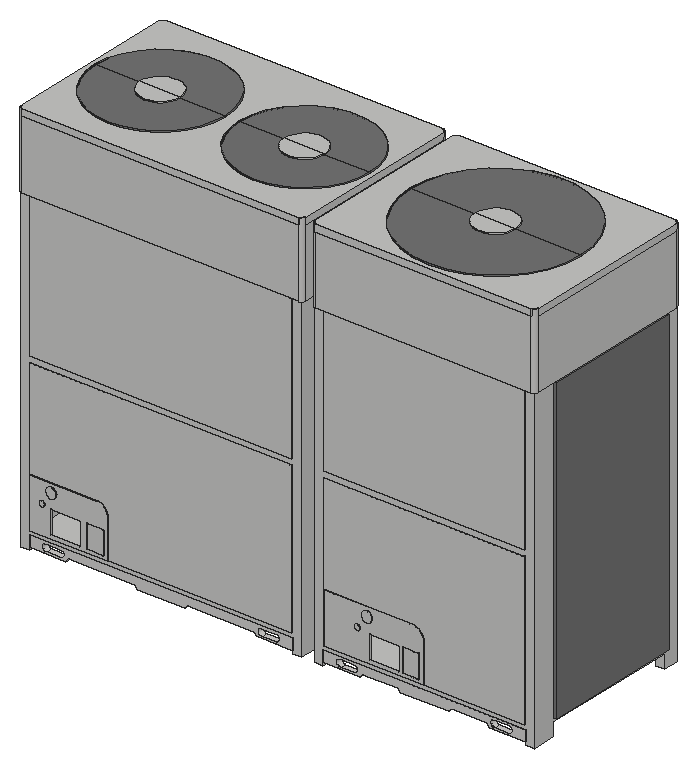
Revit family "Heat_Pump-Split_System-Outdoor-JCI-Twin_Unit-18-30 _ton", category Mechanical Equipment, Revit 2014
Parameters (values of type "208v - 18 ton Cooling Capacity")
  Width = 30 1/2"
  Voltage = 208 V
  Visibility 2 = Total Cooling Capacity > 42202.2 VA  # yes
  Visibility 1 = Total Cooling Capacity > 21101.1 VA  # yes
  Unit Separation [instance] = 13/16"
  URL = "www.johnsoncontrols.com"
  Type Comments = "208v - 18 ton Cooling Capacity"
  Total Heating Capacity = 243000.0 Btu/h
  Total Cooling Capacity = 216000.0 Btu/h
  Shroud Radius = Shroud Diameter / 2  # 14 3/8"
  Shroud Diameter = if(and(Total Cooling Capacity < 48356.7 VA, Total Cooling Capacity > 21101.1 VA), 22", 28 3/4")  # 28 3/4"
  Refrigerant Used = "R410A"
  Product Page URL = ""
  Product Name = "(H,Y)VAHP216B32S"
  Product Documentation Link = ""
  Power Factor = 0.8
  Pipe Material = Metal - JCI - Brass SU
  Phase = 3
  Panel 2 Width = 15 9/32"  # constant formula
  Operating Weight = 1239.00 lbf
  Offset = 0"
  Number of Poles = 3
  Model = Product Name  # "(H,Y)VAHP216B32S"
  Manufacturer = "Johnson Controls Incorporated"
  Load Classification = HVAC
  Length 9 [instance] = if(Clearance Zones, Clearance Top, 0")  # 0"
  Length 8 [instance] = if(Clearance Zones, Clearance Back, 0")  # 0"
  Length 7 [instance] = if(Clearance Zones, Clearance Front, 0")  # 0"
  Length 6 [instance] = if(Clearance Zones, Clearance Right, 0")  # 0"
  Length 5 [instance] = if(Clearance Zones, Clearance Left, 0")  # 0"
  Length [instance] = Main Unit Length + Unit Separation + Sub Unit Length  # 87 13/16"
  Main Unit Model = "(H,Y)VAHP144B32S"
  Main Unit KO Power X Offset 3 = 10 15/16"
  Main Unit KO Power X Offset 2 = 8 3/8"
  Main Unit KO Power X Offset 1 = 5 3/16"
  Main Unit KO Controls X Offset = 3 5/8"
  KO Controls Radius = KO Controls Diameter / 2  # 7/16"
  KO Controls Diameter = 7/8"
  Main Unit KO Power X Offset Label [instance] = if(Main Unit Knockout Power 1, Main Unit KO Power X Offset 1, if(Main Unit Knockout Power 2, Main Unit KO Power X Offset 2, if(Main Unit Knockout Power 3, Main Unit KO Power X Offset 3, 0")))  # 5 3/16"
  Main Unit KO Power Radius [instance] = Main Unit KO Power Diameter / 2  # 7/8"
  Main Unit KO Power Diameter [instance] = if(Main Unit Knockout Power 1, 1 3/4", if(Main Unit Knockout Power 2, 1 3/8", 7/8"))  # 1 3/4"
  Main Unit Length = 48 5/8"
  Main Unit = Heat_Pump-Split_System-Outdoor-JCI-Single_Unit-6-16 _ton to be nested : 12 ton Cooling Capacity
  Main Unit Knockout Power 3 [instance] = no
  Main Unit Knockout Power 2 [instance] = no
  Main Unit Knockout Power 1 [instance] = yes
  Main Unit Knockout Front [instance] = yes
  Main Unit Knockout Bottom [instance] = not(Main Unit Knockout Front)  # no
  Height = 66 1/4"
  Main Minimum Circuit Current = 58 A
  Main Maximum Overcurrent Protection = 70 A
  Grille Material = Metal - JCI - Grille Square SU
  Frequency = 60 Hz
  Sub Unit Model = "(H,Y)VAHP072B32S"
  Sub Unit Length = 38 3/8"
  Sub Unit Knockout Power 3 [instance] = no
  Sub Unit Knockout Power 2 [instance] = no
  Sub Unit Knockout Power 1 [instance] = yes
  Sub Unit Knockout Front [instance] = yes
  Sub Unit Knockout Bottom [instance] = not(Sub Unit Knockout Front)  # no
  Sub Unit KO Power X Offset Label [instance] = if(Sub Unit Knockout Power 1, Sub Unit KO Power X Offset 1, if(Sub Unit Knockout Power 2, Sub Unit KO Power X Offset 2, if(Sub Unit Knockout Power 3, Sub Unit KO Power X Offset 3, 0")))  # 8 7/8"
  Sub Unit KO Power X Offset 3 = 14 9/16"
  Sub Unit KO Power X Offset 2 = 12"
  Sub Unit KO Power X Offset 1 = 8 7/8"
  Sub Unit KO Power Radius [instance] = Sub Unit KO Power Diameter / 2  # 7/8"
  Sub Unit KO Power Diameter [instance] = if(Sub Unit Knockout Power 1, 1 3/4", if(Sub Unit Knockout Power 2, 1 3/8", 7/8"))  # 1 3/4"
  Sub Unit KO Controls X Offset = 7 5/16"
  Sub Unit DX Liquid X Offset = 10 3/8"
  Sub Unit DX Liquid Radius = Sub Unit DX Liquid Diameter / 2  # 1/4"
  Sub Unit DX Liquid Diameter = 1/2"
  Sub Unit DX Gas Radius = Sub Unit DX Gas Diameter / 2  # 7/16"
  Sub Unit DX Gas Diameter = 7/8"
  Sub Unit DX Gas X Offset = 13 1/16"
  Sub Unit = Heat_Pump-Split_System-Outdoor-JCI-Single_Unit-6-16 _ton to be nested : 6 ton Cooling Capacity
  Sub Minimum Circuit Current = 29 A
  Sub Maximum Overcurrent Protection = 40 A
  Description = "Outdoor Twin Unit Variable Refrigerant Flow"
  DX Liquid Z Offset = 10 11/32"
  DX Liquid Y Offset = 5 3/16"
  Main Unit DX Liquid X Offset = 7 3/8"
  Main Unit DX Liquid Radius = Main Unit DX Liquid Diameter / 2  # 5/16"
  Main Unit DX Liquid Diameter = 5/8"
  DX Gas Z Offset = 6 25/32"
  DX Gas Y Offset = 5 31/32"
  Main Unit DX Gas X Offset = 9 7/16"
  Main Unit DX Gas Radius = Main Unit DX Gas Diameter / 2  # 9/16"
  Main Unit DX Gas Diameter = 1 1/8"
  Copyright © = "Copyright © 2001-2017 Johnson Controls"  # constant formula
  Clearance Zones [instance] = no
  Clearance Top = 59 1/2"
  Clearance Right = 7 7/8"
  Clearance Material = Clearance Zones
  Clearance Left = 7 7/8"
  Clearance Front = 19 11/16"
  Clearance Back = 11 13/16"
  Body Material = Paint - JCI - Silky Shade SU
  Body Inset = 5/16"
  Base Material = Metal - JCI - Base Steel SU
  Assembly Code = "D3030200"
  Apparent Load 2 = Voltage * Sub Minimum Circuit Current / Power Factor  # 7540 VA
  Apparent Load 1 = Voltage * Main Minimum Circuit Current / Power Factor  # 15080 VA
Reference planes (in)
  plane 1 "Center (Front/Back)": y = 0
  plane 2: z = 0
  plane 3 "Center (Left/Right)": x = 0
  plane 4 "Left": x = -43.90625
  plane 5 "Right": x = 43.90625
  plane 6 "Back": y = 15.25
  plane 7 "Front": y = -15.25
  plane 8 "lid left": x = -43.59375
  plane 9 "Bottom": z = 0
  plane 10 "Top": z = 66.25
  plane 11 "body 1 left": x = -43.28125
  plane 12 "panel front": y = -15.0005
  plane 13 "fan top": z = 66.5
  plane 14 "clearance back": y = 15.25
  plane 15 "clearance front": y = -15.25
  plane 16 "clearance left": x = -43.90625
  plane 17 "clearance right": x = 43.90625
  plane 18 "clearance top": z = 66.25
  plane 19: y = 0.05208
  plane 20 "dx liquid x cl": x = -35.90625
  plane 21 "dx gas discharge x cl": x = -33.84375
  plane 22 "dx liquid y cl": y = -10.0625
  plane 23 "dx gas y cl": y = -9.28125
  plane 24 "dx gas z bottom": z = 6.78125
  plane 25 "dx liquid z bottom": z = 10.34375
  plane 26 "front dummy": y = -15.25
  plane 27 "header right": x = 4.71875
  plane 28 "follower left": x = 5.53125
  plane 29 "lid 2 left": x = 5.84375
  plane 30 "body 2 left": x = 6.15625
  plane 31: x = 16.53125
  plane 32: x = 19.21875
Forms (in)
  Extrusion 1, solid, material "Clearance Zones" <- "Clearance Material", visible <- "Clearance Zones"
    sketch origin (0, 0, 0) x (-1, 0, 0) y (0, -1, 0)
      loop
        line (43.90625, -15.25) -> (43.90625, 15.25) -> (-43.90625, 15.25) -> (-43.90625, -15.25) -> (43.90625, -15.25)
    from 0 to 66.25
  Extrusion 2, solid, material "Metal - JCI - Brass SU" <- "Pipe Material", detail levels medium+fine
    sketch origin (-60.79778, -180, 6.78125) x (-1, 0, 0) y (0, -1, 0)
      loop
        circle (-26.95403, -170.71875) r 0.5625
      loop
        circle (-80.01653, -170.71875) r 0.4375
    from 0 to 4.71625
  Extrusion 3, solid, material "Metal - JCI - Brass SU" <- "Pipe Material", detail levels medium+fine
    sketch origin (-60.79778, -180, 10.34375) x (-1, 0, 0) y (0, -1, 0)
      loop
        circle (-24.89153, -169.9375) r 0.3125
      loop
        circle (-77.32903, -169.9375) r 0.25
    from 1.15375 to 0
  Extrusion 4, solid, material "Paint - JCI - Silky Shade SU" <- "Body Material", detail levels medium+fine
    sketch origin (-38.06929, -15.0005, 48) x (-1, 0, 0) y (0, 0, 1)
      loop
        circle (1.58696, -40.1875) r 0.4375
      loop
        circle (0.02446, -38.0625) r 0.875
      loop
        circle (-51.53804, -40.1875) r 0.4375
      loop
        circle (-53.10054, -38.0625) r 0.875
    from 0 to 1
Lines and regions (in)
  Masking region 1, detail levels coarse
    outline origin (0, 0, 0) x (1, 0, 0) y (0, 0, 1)
      loop
        line (-43.90625, 66.5) -> (-43.90625, 0) -> (43.90625, 0) -> (43.90625, 66.5) -> (-43.90625, 66.5)
  symbolic lines, style "Clearance Zones", visible <- "Clearance Zones"
    curve 1: line (-43.90625, 15.25, 53.62) -> (43.90625, 15.25, 53.62)
    curve 2: line (-43.90625, -15.25, 53.62) -> (-43.90625, 15.25, 53.62)
    curve 3: line (43.90625, -15.25, 53.62) -> (-43.90625, -15.25, 53.62)
    curve 4: line (43.90625, 15.25, 53.62) -> (43.90625, -15.25, 53.62)
    curve 5: line (-43.90625, 0, 66.25) -> (43.90625, 0, 66.25)
    curve 6: line (-43.90625, 0, 0) -> (-43.90625, 0, 66.25)
    curve 7: line (43.90625, 0, 0) -> (-43.90625, 0, 0)
    curve 8: line (43.90625, 0, 66.25) -> (43.90625, 0, 0)
    curve 9: line (0, 15.25, 0) -> (0, 15.25, 66.25)
    curve 10: line (0, -15.25, 0) -> (0, 15.25, 0)
    curve 11: line (0, -15.25, 66.25) -> (0, -15.25, 0)
Dimensions and locks (in)
  equal spacing: plane 4 "Left", plane 3 "Center (Left/Right)", plane 5 "Right"
  "Length": plane 4 "Left" to plane 5 "Right"
  equal spacing: plane 6 "Back", plane 1 "Center (Front/Back)", plane 7 "Front"
  "Width": plane 6 "Back" to plane 7 "Front"
  locked: plane 4 "Left" to plane 8 "lid left" at 0.3125
  "Height": plane 10 "Top" to plane 9 "Bottom"
  "Offset": plane 9 "Bottom" to level
  "Body Inset": plane 8 "lid left" to plane 11 "body 1 left"
  locked: plane 13 "fan top" to plane 10 "Top" at 0.25
  "Length 5": plane 16 "clearance left" to plane 4 "Left"
  "Length 6": plane 5 "Right" to plane 17 "clearance right"
  "Length 8": plane 14 "clearance back" to plane 6 "Back"
  "Length 7": plane 26 "front dummy" to plane 15 "clearance front"
  "Length 9": plane 18 "clearance top" to plane 10 "Top"
  "Main Unit DX Liquid X Offset": plane 11 "body 1 left" to plane 20 "dx liquid x cl"
  "Main Unit DX Gas X Offset": plane 11 "body 1 left" to plane 21 "dx gas discharge x cl"
  "DX Liquid Y Offset": plane 22 "dx liquid y cl" to plane 7 "Front"
  "DX Gas Y Offset": plane 23 "dx gas y cl" to plane 7 "Front"
  "DX Gas Z Offset": plane 24 "dx gas z bottom" to plane 9 "Bottom"
  "DX Liquid Z Offset": plane 25 "dx liquid z bottom" to plane 9 "Bottom"
  "Main Unit KO Controls X Offset": Extrusion 4 sketch curve to plane 11 "body 1 left"
  locked: Extrusion 4 sketch curve to plane 9 "Bottom" at 7.8125  (x2)
  locked: Extrusion 4 sketch curve to plane 9 "Bottom" at 9.9375  (x2)
  "Main Unit KO Power X Offset Label": Extrusion 4 sketch curve to plane 11 "body 1 left"
  "Main Unit Length": plane 4 "Left" to plane 27 "header right"
  "Unit Separation": plane 27 "header right" to plane 28 "follower left"
  "Body Inset": plane 29 "lid 2 left" to plane 30 "body 2 left"
  locked: plane 28 "follower left" to plane 29 "lid 2 left" at 0.3125
  "Sub Unit DX Liquid X Offset": plane 30 "body 2 left" to plane 31
  "Sub Unit DX Gas X Offset": plane 30 "body 2 left" to plane 32
  "Sub Unit KO Power X Offset Label": Extrusion 4 sketch curve to plane 30 "body 2 left"
  "Sub Unit KO Controls X Offset": Extrusion 4 sketch curve to plane 30 "body 2 left"
  "Main Unit DX Gas Radius": radius of Extrusion 2 sketch curve
  "Main Unit DX Liquid Radius": radius of Extrusion 3 sketch curve
  "KO Controls Radius": radius of Extrusion 4 sketch curve  (x2)
  "Main Unit KO Power Radius": radius of Extrusion 4 sketch curve
  "Sub Unit DX Gas Radius": radius of Extrusion 2 sketch curve
  "Sub Unit DX Liquid Radius": radius of Extrusion 3 sketch curve
  "Sub Unit KO Power Radius": radius of Extrusion 4 sketch curve
  aligned and locked: level to plane 2
  aligned and locked: Extrusion 1 sketch curve to plane 14 "clearance back"
  aligned and locked: plane 16 "clearance left" to Extrusion 1 sketch curve
  aligned and locked: plane 15 "clearance front" to Extrusion 1 sketch curve
  aligned and locked: Extrusion 1 sketch curve to plane 17 "clearance right"
  aligned and locked: curve 4 to plane 17 "clearance right"
  aligned and locked: plane 16 "clearance left" to curve 2
  aligned and locked: plane 15 "clearance front" to curve 3
  aligned and locked: curve 1 to plane 14 "clearance back"
  aligned and locked: plane 18 "clearance top" to Extrusion 1
  aligned and locked: Extrusion 1 to plane 9 "Bottom"
  aligned and locked: plane 16 "clearance left" to curve 6
  aligned and locked: curve 8 to plane 17 "clearance right"
  aligned and locked: curve 5 to plane 18 "clearance top"
  aligned and locked: plane 9 "Bottom" to curve 7
  aligned and locked: curve 9 to plane 14 "clearance back"
  aligned and locked: plane 15 "clearance front" to curve 11
  aligned and locked: plane 9 "Bottom" to curve 10
  aligned and locked: Masking region 1 sketch curve to plane 13 "fan top"
  aligned and locked: plane 4 "Left" to Masking region 1 sketch curve
  aligned and locked: Masking region 1 sketch curve to plane 5 "Right"
  aligned and locked: plane 9 "Bottom" to Masking region 1 sketch curve
  aligned and locked: Extrusion 2 sketch curve to plane 23 "dx gas y cl"  (x2)
  aligned and locked: plane 21 "dx gas discharge x cl" to Extrusion 2 sketch curve
  aligned and locked: Extrusion 2 to plane 24 "dx gas z bottom"
  aligned and locked: Extrusion 3 sketch curve to plane 22 "dx liquid y cl"  (x2)
  aligned and locked: plane 20 "dx liquid x cl" to Extrusion 3 sketch curve
  aligned and locked: Extrusion 3 to plane 25 "dx liquid z bottom"
  aligned and locked: plane 26 "front dummy" to plane 7 "Front"
  aligned and locked: plane 1 "Center (Front/Back)" to nested 1
  aligned and locked: plane 4 "Left" to nested 1
  aligned and locked: nested 2 to plane 28 "follower left"
  aligned and locked: plane 1 "Center (Front/Back)" to nested 2
  aligned and locked: plane 32 to Extrusion 2 sketch curve
  aligned and locked: plane 31 to Extrusion 3 sketch curve
  aligned and locked: plane 24 "dx gas z bottom" to Extrusion 2
Automatic sketch dimensions
  curve 11 to plane 10 "Top" = 0"
  curve 9 to plane 10 "Top" = 0"
Nested families (in)
  nested 1: "Heat_Pump-Split_System-Outdoor-JCI-Single_Unit-6-16 _ton to be nested" at (-19.59375, 0, 0), Knockout Power 3 <- "Main Unit Knockout Power 3", Knockout Power 2 <- "Main Unit Knockout Power 2", Knockout Power 1 <- "Main Unit Knockout Power 1", Knockout Front <- "Main Unit Knockout Front", type <- "Main Unit", type "12 ton Cooling Capacity"
    with Length 14 14 3/4", Length 13 3", Length 12 1/4", Length 11 9 15/16", Length 10 1 31/32", Knockout Power 3 no, Knockout Power 2 no, Knockout Power 1 yes, Knockout Front yes, Knockout Bottom no, KO Z Offset 5 9/16", KO Y Offset 0", KO Power X Offset 5 3/16", KO Power Radius 7/8", KO Power Diameter 1 3/4", KO Height 3 15/16", Fan 2 X Offset 12 5/32", Fan 1 X Offset 12 5/32", Clearance Zones yes, Angle 2 90.00°, Angle 1 90.00°, Visibility 1 yes, Total Cooling Capacity 144000.0 Btu/h, Shroud Radius 11", Shroud Diameter 22", Operating Weight 723.00 lbf, Length 48 5/8", KO Power X Offset 3 10 15/16", KO Power X Offset 2 8 3/8", KO Power X Offset 1 5 3/16", KO Controls X Offset 3 5/8", KO 2 X Offset 11 1/4", KO 1 X Offset 5 3/16"
  nested 2: "Heat_Pump-Split_System-Outdoor-JCI-Single_Unit-6-16 _ton to be nested" at (24.71875, 0, 0), Knockout Power 3 <- "Sub Unit Knockout Power 3", Knockout Power 2 <- "Sub Unit Knockout Power 2", Knockout Power 1 <- "Sub Unit Knockout Power 1", Knockout Front <- "Sub Unit Knockout Front", type <- "Sub Unit", type "6 ton Cooling Capacity"
    with Length 14 18 7/16", Length 13 3", Length 12 1/4", Length 11 9 15/16", Length 10 1 31/32", Knockout Power 3 no, Knockout Power 2 no, Knockout Power 1 yes, Knockout Front yes, Knockout Bottom no, KO Z Offset 5 9/16", KO Y Offset 0", KO Power X Offset 8 7/8", KO Power Radius 7/8", KO Power Diameter 1 3/4", KO Height 3 15/16", Fan 2 X Offset 38 3/8", Fan 1 X Offset 0", Clearance Zones no, Angle 2 90.00°, Angle 1 90.00°
Connectors (in)
  piping at (-35.90625, -10.0625, 10.34375), diameter 0.625, driven by "Main Unit DX Liquid Diameter"
    settings: on Extrusion 3, index 1, connector inside diameter 24", connector length 0", flow factor 0, pipe flow 0 GPM, pressure drop 0.00 psi, fitting loss kfactor 0, connector angle 0.00°, fixture units 0, engagement length 0", angle of deflection 0.00°, flow configuration 0, flow direction 0, fitting loss method 0, system type 22, joint type 0, gender type 0, connector reference index -1, connector utility 0, adjustable connector no, is connector primary yes, connector description "Main Unit Refrigerant Liquid"
  electrical at (-39.65625, -15.0005, 7.8125)
    settings: on Extrusion 4, index 6, voltage 0 V, apparent load 0 VA, apparent load phase1 0 VA, apparent load phase2 0 VA, apparent load phase3 0 VA, power factor 1, load classification "Other", number of poles 1, system type 13, power factor state 1, is connector primary yes, connector utility no, sub classification motor no, connector description "Main Unit Controls"
  cabletrayconduit at (-39.65625, -15.0005, 7.8125), diameter 0.875, driven by "KO Controls Diameter"
    settings: on Extrusion 4, index 7, connector width 12", connector height 12", connector angle 0.00°, system type 32, placement type 0, profile type 0, connector reference index -1, is primary connector yes, connector utility param no, connector description "Main Unit Controls Conduit"
  electrical at (-38.09375, -15.0005, 9.9375), driven by "Number of Poles", driven by "Load Classification", driven by "Voltage", driven by "Apparent Load 1", driven by "Power Factor"
    settings: on Extrusion 4, index 8, voltage 208 V, apparent load 15080 VA, apparent load phase1 0 VA, apparent load phase2 0 VA, apparent load phase3 0 VA, power factor 0.8, load classification "HVAC", number of poles 3, system type 30, power factor state 1, is connector primary no, connector utility no, sub classification motor no, connector description "Main Unit Power"
  cabletrayconduit at (-38.09375, -15.0005, 9.9375), diameter 1.75, driven by "Main Unit KO Power Diameter"
    settings: on Extrusion 4, index 9, connector width 12", connector height 12", connector angle 0.00°, system type 32, placement type 0, profile type 0, connector reference index -1, is primary connector no, connector utility param no, connector description "Main Unit Power Conduit"
  piping at (-33.84375, -9.28125, 6.78125), diameter 1.125, driven by "Main Unit DX Gas Diameter"
    settings: on Extrusion 2, index 10, connector inside diameter 24", connector length 0", flow factor 0, pipe flow 0 GPM, pressure drop 0.00 psi, fitting loss kfactor 0, connector angle 0.00°, fixture units 0, engagement length 0", angle of deflection 0.00°, flow configuration 0, flow direction 0, fitting loss method 0, system type 22, joint type 0, gender type 0, connector reference index -1, connector utility 0, adjustable connector no, is connector primary no, connector description "Main Unit Refrigerant Gas Discharge"
  electrical at (13.46875, -15.0005, 7.8125)
    settings: on Extrusion 4, index 11, voltage 0 V, apparent load 0 VA, apparent load phase1 0 VA, apparent load phase2 0 VA, apparent load phase3 0 VA, power factor 1, load classification "Other", number of poles 1, system type 13, power factor state 1, is connector primary no, connector utility no, sub classification motor no, connector description "Sub Unit Controls"
  electrical at (15.03125, -15.0005, 9.9375), driven by "Number of Poles", driven by "Load Classification", driven by "Voltage", driven by "Power Factor", driven by "Apparent Load 2"
    settings: on Extrusion 4, index 12, voltage 208 V, apparent load 7540 VA, apparent load phase1 0 VA, apparent load phase2 0 VA, apparent load phase3 0 VA, power factor 0.8, load classification "HVAC", number of poles 3, system type 30, power factor state 1, is connector primary no, connector utility no, sub classification motor no, connector description "Sub Unit Power"
  cabletrayconduit at (13.46875, -15.0005, 7.8125), diameter 0.875, driven by "KO Controls Diameter"
    settings: on Extrusion 4, index 13, connector width 12", connector height 12", connector angle 0.00°, system type 32, placement type 0, profile type 0, connector reference index -1, is primary connector no, connector utility param no, connector description "Sub Unit Controls Conduit"
  cabletrayconduit at (15.03125, -15.0005, 9.9375), diameter 1.75, driven by "Sub Unit KO Power Diameter"
    settings: on Extrusion 4, index 14, connector width 12", connector height 12", connector angle 0.00°, system type 32, placement type 0, profile type 0, connector reference index -1, is primary connector no, connector utility param no, connector description "Sub Unit Power Conduit"
  piping at (16.53125, -10.0625, 10.34375), diameter 0.5, driven by "Sub Unit DX Liquid Diameter"
    settings: on Extrusion 3, index 15, connector inside diameter 24", connector length 0", flow factor 0, pipe flow 0 GPM, pressure drop 0.00 psi, fitting loss kfactor 0, connector angle 0.00°, fixture units 0, engagement length 0", angle of deflection 0.00°, flow configuration 0, flow direction 0, fitting loss method 0, system type 22, joint type 0, gender type 0, connector reference index -1, connector utility 0, adjustable connector no, is connector primary no, connector description "Sub Unit Refrigerant Liquid"
  piping at (19.21875, -9.28125, 6.78125), diameter 0.875, driven by "Sub Unit DX Gas Diameter"
    settings: on Extrusion 2, index 17, connector inside diameter 24", connector length 0", flow factor 0, pipe flow 0 GPM, pressure drop 0.00 psi, fitting loss kfactor 0, connector angle 0.00°, fixture units 0, engagement length 0", angle of deflection 0.00°, flow configuration 0, flow direction 0, fitting loss method 0, system type 22, joint type 0, gender type 0, connector reference index -1, connector utility 0, adjustable connector no, is connector primary no, connector description "Sub Unit Refrigerant Gas Discharge"
Definition of nested family "Heat_Pump-Split_System-Outdoor-JCI-Single_Unit-6-16 _ton to be nested"
  Parameters (values of type "6 ton Cooling Capacity")
    Width = 30 1/2"
    Voltage = 208 V
    Visibility 2 = Total Cooling Capacity > 46891.4 VA  # no
    Visibility 1 = Total Cooling Capacity > 21101.1 VA  # no
    Type Comments = "208v - 6 ton Cooling Capacity"
    Total Cooling Capacity = 72000.0 Btu/h
    Shroud Radius = Shroud Diameter / 2  # 14 3/8"
    Shroud Diameter = if(and(Total Cooling Capacity < 48356.7 VA, Total Cooling Capacity > 21101.1 VA), 22", 28 3/4")  # 28 3/4"
    Refrigerant Used = "R410A"
    Product Page URL = ""
    Product Name = "(H,Y)VAHP072B32S"
    Product Documentation Link = ""
    Power Factor = 0.8
    Pipe Material = Metal - JCI - Brass SU
    Phase = 3
    Panel 2 Width = 15 9/32"  # constant formula
    Operating Weight = 516.00 lbf
    Offset = 0"
    Number of Poles = 2
    Model = Product Name  # "(H,Y)VAHP072B32S"
    Minimum Circuit Current = 29 A
    Maximum Overcurrent Protection = 40 A
    Manufacturer = "Johnson Controls Incorporated"
    Load Classification = HVAC
    Lid Height = 12.63"
    Length 4 = Height - 1"  # 65 1/4"
    Length 3 = 5/32"
    Length 2 = 0.063"
    Length 15 = if(Visibility 2, Panel 2 Width + Length 3, 0")  # 0"
    Length 14 [instance] = KO 2 X Offset + KO 2 Width + 3/4"  # 18 7/16"
    Length 13 [instance] = 3"
    Length 12 [instance] = 1/4"
    Length 10 [instance] = KO Height / 2  # 1 31/32"
    Length 1 = 11/16"
    Length = 38 3/8"
    Leg Width = 1 1/2"
    KO Power X Offset 3 = 14 9/16"
    KO Power X Offset 2 = 12"
    KO Power X Offset 1 = 8 7/8"
    KO Controls X Offset = 7 5/16"
    KO Controls Radius = KO Controls Diameter / 2  # 7/16"
    KO Controls Diameter = 7/8"
    KO Power X Offset [instance] = if(Knockout Power 1, KO Power X Offset 1, if(Knockout Power 2, KO Power X Offset 2, if(Knockout Power 3, KO Power X Offset 3, 0")))  # 8 7/8"
    KO Power Radius [instance] = KO Power Diameter / 2  # 7/8"
    KO Power Diameter [instance] = if(Knockout Power 1, 1 3/4", if(Knockout Power 2, 1 3/8", 7/8"))  # 1 3/4"
    Knockout Power 3 [instance] = no
    Knockout Power 2 [instance] = no
    Knockout Power 1 [instance] = yes
    Length 11 [instance] = if(Knockout Bottom, 9 13/16", 9 15/16")  # 9 15/16"
    KO 2 X Offset = 14 15/16"
    KO Z Offset [instance] = if(Knockout Bottom, Base Height, 5 9/16")  # 5 9/16"
    KO Y Offset [instance] = if(Knockout Bottom, 4 5/16" + Length 10, 0")  # 0"
    Knockout Front [instance] = yes
    Knockout Bottom [instance] = not(Knockout Front)  # no
    KO 2 Width = 2 3/4"
    KO 1 X Offset = 9 7/16"
    KO 1 Width = 5"
    KO Height [instance] = if(Knockout Bottom, 3 1/8", 3 15/16")  # 3 15/16"
    Height = 66 1/4"
    Grille Material = Metal - JCI - Grille Square SU
    Frequency = 60 Hz
    Fan 2 X Offset [instance] = if(Visibility 1, Length / 4, Length)  # 38 3/8"
    Fan 1 X Offset [instance] = if(Visibility 1, Length / 4, 0")  # 0"
    Description = "Outdoor Unit Variable Refrigernat Flow"
    Clearance Zones [instance] = yes
    Clearance Material = Clearance Zones
    Body Material = Paint - JCI - Silky Shade SU
    Body Inset = 5/16"
    Base Material = Metal - JCI - Base Steel SU
    Base Height = 2.31"
    Assembly Code = "D3030200"
    Apparent Load = Voltage * Minimum Circuit Current / Power Factor  # 7540 VA
    Angle 2 [instance] = if(Knockout Front, 90.00°, 180.00°)  # 90.00°
    Angle 1 [instance] = if(Knockout Front, 90.00°, 0.00°)  # 90.00°
  Reference planes (in)
    plane 1 "Center (Front/Back)": y = 0
    plane 2: z = 0
    plane 3 "Center (Left/Right)": x = 0
    plane 4 "Left": x = -19.1875
    plane 5 "Right": x = 19.1875
    plane 6 "Back": y = 15.25
    plane 7 "Front": y = -15.25
    plane 8 "lid left": x = -18.875
    plane 9 "lid right": x = 18.875
    plane 10 "Bottom": z = 0
    plane 11 "Top": z = 66.25
    plane 12 "base top": z = 2.31
    plane 13 "lid bottom": z = 53.62
    plane 14 "front leg inside": y = -11.09375
    plane 15 "back leg inside": y = 12.34375
    plane 16 "lid top": z = 66.187
    plane 17: z = 65.187
    plane 18 "body left": x = -18.5625
    plane 19 "body right": x = 18.5625
    plane 20 "body back": y = 14.9375
    plane 21 "body front": y = -14.9375
    plane 22 "left leg inside": x = -17.0625
    plane 23 "right leg inside": x = 17.0625
    plane 24 "panel bottom": z = 3.02875
    plane 25 "panel front": y = -15.0005
    plane 26: x = -2.375
    plane 27: x = 2.375
    plane 28: y = -6.09375
    plane 29 "fan 1 x cl": x = 0
    plane 30 "fan 2 x cl": x = 38.375
    plane 31 "fan top": z = 66.5
    plane 32 "detail panel right": x = -0.125
    plane 33 "detail panel top": z = 11.4975
    plane 34: z = 46.39268
    plane 35: z = 39.16536
    plane 36: z = 31.93804
    plane 37: z = 24.71071
    plane 38: z = 17.48339
    plane 39: z = 10.25607
    plane 40: x = 5.3125
    plane 41: x = 8.25
    plane 42: x = 11.1875
    plane 43: x = 14.125
    plane 44: x = -14.125
    plane 45: x = -11.1875
    plane 46: x = -8.25
    plane 47: x = -5.3125
    plane 48: y = 6.19792
    plane 49: y = 0.05208
    plane 50: y = -5.23438
    plane 51: y = 0.625
    plane 52: y = 6.48437
    plane 53 "ko mech y cl": y = -15.25
    plane 54 "ko z cl": z = 5.5625
    plane 55 "ko power y cl": y = -15
    plane 56 "dummy": z = 9.9375
    plane 57 "pane 2 left": x = 1.625
    plane 58: x = 16.90625
    plane 59 "front dummy": y = -15.25
  Forms (in)
    Extrusion 1, solid, material "Paint - JCI - Silky Shade SU" <- "Body Material", detail levels medium+fine
      sketch origin (0, 0, 0) x (1, 0, 0) y (0, 1, 0)
        loop
          arc (-18.1245, 15.187) -> (-18.61064, 14.98564) -> (-18.812, 14.4995) r 0.6875
          line (-18.812, 14.4995) -> (-18.812, -14.4995)
          arc (-18.812, -14.4995) -> (-18.61064, -14.98564) -> (-18.1245, -15.187) r 0.6875
          line (-18.1245, -15.187) -> (18.1245, -15.187)
          arc (18.1245, -15.187) -> (18.61064, -14.98564) -> (18.812, -14.4995) r 0.6875
          line (18.812, -14.4995) -> (18.812, 14.4995)
          arc (18.812, 14.4995) -> (18.61064, 14.98564) -> (18.1245, 15.187) r 0.6875
          line (18.1245, 15.187) -> (-18.1245, 15.187)
      from 53.62 to 66.187
    Extrusion 2, solid, material "Paint - JCI - Silky Shade SU" <- "Body Material", detail levels fine
      sketch origin (0, 0, 0) x (1, 0, 0) y (0, 1, 0)
        loop
          line (-18.875, -14.5625) -> (-18.74632, -14.5625)
          arc (-18.74632, -14.5625) -> (-18.56644, -14.94144) -> (-18.1875, -15.12132) r 0.625
          line (-18.1875, -15.12132) -> (-18.1875, -15.25) -> (18.1875, -15.25) -> (18.1875, -15.12132)
          arc (18.1875, -15.12132) -> (18.56644, -14.94144) -> (18.74632, -14.5625) r 0.625
          line (18.74632, -14.5625) -> (18.875, -14.5625) -> (18.875, 14.5625) -> (18.74632, 14.5625)
          arc (18.74632, 14.5625) -> (18.56644, 14.94144) -> (18.1875, 15.12132) r 0.625
          line (18.1875, 15.12132) -> (18.1875, 15.25) -> (-18.1875, 15.25) -> (-18.1875, 15.12132)
          arc (-18.1875, 15.12132) -> (-18.56644, 14.94144) -> (-18.74632, 14.5625) r 0.625
          line (-18.74632, 14.5625) -> (-18.875, 14.5625) -> (-18.875, -14.5625)
      from 66.25 to 65.187
    Extrusion 3, solid, material "Paint - JCI - Silky Shade SU" <- "Body Material", detail levels medium+fine
      sketch origin (0, 0, 0) x (0, 1, 0) y (0, 0, 1)
        loop
          line (-14.9375, 53.62) -> (-14.9375, 0) -> (-11.09375, 0) -> (-11.09375, 2.31) -> (12.34375, 2.31) -> (12.34375, 0) -> (14.9375, 0) -> (14.9375, 53.62) -> (-14.9375, 53.62)
      from -18.5625 to 18.5625
    Extrusion 4, void
      sketch origin (0, 0, 0) x (1, 0, 0) y (0, 1, 0)
        loop
          line (-17.0625, 15.25) -> (-17.0625, -15.25) -> (17.0625, -15.25) -> (17.0625, 15.25) -> (-17.0625, 15.25)
      from 0 to 2.31
    Extrusion 5, solid, material "Metal - JCI - Base Steel SU" <- "Base Material", detail levels fine
      sketch origin (0, -14.9375, 0) x (-1, 0, 0) y (0, 0, 1)
        loop
          line (17.0625, 2.31) -> (-17.0625, 2.31) -> (-17.0625, 0.46875) -> (-10.90625, 0.46875) -> (-10.40625, 0.96875) -> (-4.5, 0.96875) -> (-4, 0.46875) -> (4, 0.46875) -> (4.5, 0.96875) -> (10.40625, 0.96875) -> (10.90625, 0.46875) -> (17.0625, 0.46875) -> (17.0625, 2.31)
        loop
          line (14.1875, 1.95679) -> (11.8125, 1.95679)
          arc (11.8125, 1.95679) -> (11.1875, 1.33179) -> (11.8125, 0.70679) r 0.625
          line (11.8125, 0.70679) -> (14.1875, 0.70679)
          arc (14.1875, 0.70679) -> (14.8125, 1.33179) -> (14.1875, 1.95679) r 0.625
        loop
          arc (-14.1875, 1.95679) -> (-14.8125, 1.33179) -> (-14.1875, 0.70679) r 0.625
          line (-14.1875, 0.70679) -> (-11.8125, 0.70679)
          arc (-11.8125, 0.70679) -> (-11.1875, 1.33179) -> (-11.8125, 1.95679) r 0.625
          line (-11.8125, 1.95679) -> (-14.1875, 1.95679)
      from 0 to 1
    Extrusion 6, solid, material "Metal - JCI - Base Steel SU" <- "Base Material", detail levels fine
      sketch origin (0, 14.9375, 0) x (-1, 0, 0) y (0, 0, 1)
        loop
          line (10.40625, 0.96875) -> (10.90625, 0.46875) -> (17.0625, 0.46875) -> (17.0625, 2.31) -> (-17.0625, 2.31) -> (-17.0625, 0.46875) -> (-10.90625, 0.46875) -> (-10.40625, 0.96875) -> (-4.5, 0.96875) -> (-4, 0.46875) -> (4, 0.46875) -> (4.5, 0.96875) -> (10.40625, 0.96875)
        loop
          line (11.8125, 0.70679) -> (14.1875, 0.70679)
          arc (14.1875, 0.70679) -> (14.8125, 1.33179) -> (14.1875, 1.95679) r 0.625
          line (14.1875, 1.95679) -> (11.8125, 1.95679)
          arc (11.8125, 1.95679) -> (11.1875, 1.33179) -> (11.8125, 0.70679) r 0.625
        loop
          line (-11.8125, 1.95679) -> (-14.1875, 1.95679)
          arc (-14.1875, 1.95679) -> (-14.8125, 1.33179) -> (-14.1875, 0.70679) r 0.625
          line (-14.1875, 0.70679) -> (-11.8125, 0.70679)
          arc (-11.8125, 0.70679) -> (-11.1875, 1.33179) -> (-11.8125, 1.95679) r 0.625
      from 0 to -1
    Extrusion 7, solid, material "Paint - JCI - Silky Shade SU" <- "Body Material", detail levels fine
      sketch origin (0, -14.9375, 0) x (-1, 0, 0) y (0, 0, 1)
        loop
          line (16.90625, 53.62) -> (-16.90625, 53.62) -> (-16.90625, 29.40125) -> (16.90625, 29.40125) -> (16.90625, 53.62)
        loop
          line (16.90625, 28.37) -> (-16.90625, 28.37) -> (-16.90625, 3.02875) -> (0.0625, 3.02875) -> (0.0625, 9.4975)
          arc (0.0625, 9.4975) -> (0.66659, 10.95591) -> (2.125, 11.56) r 2.0625
          line (2.125, 11.56) -> (16.90625, 11.56) -> (16.90625, 28.37)
        loop
          line (16.90625, 3.02875) -> (16.90625, 11.4975) -> (2.125, 11.4975)
          arc (2.125, 11.4975) -> (0.71079, 10.91171) -> (0.125, 9.4975) r 2
          line (0.125, 9.4975) -> (0.125, 3.02875) -> (16.90625, 3.02875)
      from 0 to -0.063
    Extrusion 8, solid, material "Metal - JCI - Grille Square SU" <- "Grille Material", detail levels medium+fine
      sketch origin (0, 0, 0) x (1, 0, 0) y (0, 1, 0)
        loop
          line (-19.1875, 12.34375) -> (-19.1875, -6.09375) -> (-17.35479, -6.09375) -> (-17.35479, -5.09375) -> (0, -5.09375) -> (0, -11.09375) -> (19.1875, -11.09375) -> (19.1875, 12.34375) -> (17.0625, 12.34375) -> (17.0625, 15.25) -> (2.375, 15.25) -> (2.375, 12.34375) -> (-2.375, 12.34375) -> (-2.375, 15.25) -> (-17.0625, 15.25) -> (-17.0625, 12.34375) -> (-19.1875, 12.34375)
      from 3.02875 to 53.62
    Extrusion 9, void
      sketch origin (0, 0, 0) x (1, 0, 0) y (0, 1, 0)
        loop
          circle (0, 0) r 14.375
        loop
          circle (38.375, 0) r 14.375
      from 65.187 to 66.25
    Extrusion 10, solid, detail levels coarse
      sketch origin (0, 0, 0) x (1, 0, 0) y (0, 1, 0)
        loop
          line (-19.1875, 15.25) -> (-19.1875, -15.25) -> (19.1875, -15.25) -> (19.1875, 15.25) -> (-19.1875, 15.25)
      from 0 to 66.5
    Extrusion 11, void
      sketch origin (0, 15.25, 0) x (-1, 0, 0) y (0, 0, 1)
        loop
          line (16.90625, 11.4975) -> (0.125, 11.4975) -> (0.125, 3.02875) -> (16.90625, 3.02875) -> (16.90625, 11.4975)
      from -30.1875 to -21.34375
    Extrusion 12, void
      sketch origin (-18.5625, -15.25, 5.5625) x (0, 0, 1) y (1, 0, 0)
        loop
          line (1.96875, 9.4375) -> (1.96875, 14.4375) -> (-1.96875, 14.4375) -> (-1.96875, 9.4375) -> (1.96875, 9.4375)
        loop
          line (1.96875, 14.9375) -> (1.96875, 17.6875) -> (-1.96875, 17.6875) -> (-1.96875, 14.9375) -> (1.96875, 14.9375)
        loop
          line (-1.9375, 17.65625) -> (-1.9375, 14.96875) -> (1.9375, 14.96875) -> (1.9375, 17.65625) -> (-1.9375, 17.65625)
      from 9 to -1
    Extrusion 13, solid, material "Paint - JCI - Silky Shade SU" <- "Body Material", detail levels medium+fine
      sketch origin (-38.06929, -15.0005, 48) x (-1, 0, 0) y (0, 0, 1)
        loop
          circle (-26.81929, -40.1875) r 0.4375
        loop
          circle (-28.38179, -38.0625) r 0.875
      from 0 to 1
    Extrusion 14, solid, material "Paint - JCI - Silky Shade SU" <- "Body Material", visible <- "Visibility 2", detail levels medium+fine
      sketch origin (0, -14.9375, 0) x (-1, 0, 0) y (0, 0, 1)
        loop
          line (-1.625, 53.62) -> (-16.90625, 53.62) -> (-16.90625, 3.02875) -> (-1.625, 3.02875) -> (-1.625, 53.62)
      from 0 to -0.0625
  Cuts and joins
    Extrusion 4, Extrusion 11, Extrusion 12 cuts Extrusion 3
    Extrusion 9 cuts Extrusion 2
    Extrusion 9 cuts Extrusion 1
    Extrusion 12 cuts Extrusion 7
  Lines and regions (in)
    Masking region 1, detail levels coarse
      outline origin (0, 0, 53.62) x (-1, 0, 0) y (0, -1, 0)
        loop
          line (19.1875, -15.25) -> (19.1875, 15.25) -> (-19.1875, 15.25) -> (-19.1875, -15.25) -> (19.1875, -15.25)
    Masking region 2, detail levels medium+fine
      outline origin (0, 0, 53.62) x (-1, 0, 0) y (0, -1, 0)
        loop
          line (19.1875, 6.09375) -> (18.875, 6.09375) -> (18.875, 14.5625) -> (18.80911, 14.5625)
          arc (18.80911, 14.5625) -> (18.61064, 14.98564) -> (18.1875, 15.18411) r 0.6875
          line (18.1875, 15.18411) -> (18.1875, 15.25) -> (-18.1875, 15.25) -> (-18.1875, 15.18411)
          arc (-18.1875, 15.18411) -> (-18.61064, 14.98564) -> (-18.80911, 14.5625) r 0.6875
          line (-18.80911, 14.5625) -> (-18.875, 14.5625) -> (-18.875, 11.09375) -> (-19.1875, 11.09375) -> (-19.1875, -12.34375) -> (-18.875, -12.34375) -> (-18.875, -14.5625) -> (-18.80911, -14.5625)
          arc (-18.80911, -14.5625) -> (-18.61064, -14.98564) -> (-18.1875, -15.18411) r 0.6875
          line (-18.1875, -15.18411) -> (-18.1875, -15.25) -> (18.1875, -15.25) -> (18.1875, -15.18411)
          arc (18.1875, -15.18411) -> (18.61064, -14.98564) -> (18.80911, -14.5625) r 0.6875
          line (18.80911, -14.5625) -> (18.875, -14.5625) -> (18.875, -12.34375) -> (19.1875, -12.34375) -> (19.1875, 6.09375)
    Masking region 3, detail levels coarse
      outline origin (0, 0, 0) x (1, 0, 0) y (0, 0, 1)
        loop
          line (-19.1875, 66.5) -> (-19.1875, 0) -> (19.1875, 0) -> (19.1875, 66.5) -> (-19.1875, 66.5)
    Masking region 4, detail levels medium+fine
      outline origin (0, 0, 0) x (1, 0, 0) y (0, 0, 1)
        loop
          line (-18.812, 53.62) -> (-19.1875, 53.62) -> (-19.1875, 3.02875) -> (-18.5625, 3.02875) -> (-18.5625, 0) -> (-17.0625, 0) -> (-17.0625, 2.31) -> (17.0625, 2.31) -> (17.0625, 0) -> (18.5625, 0) -> (18.5625, 3.02875) -> (19.1875, 3.02875) -> (19.1875, 53.62) -> (18.812, 53.62) -> (18.812, 66.25) -> (-18.812, 66.25) -> (-18.812, 53.62)
    Masking region 5, detail levels fine
      outline origin (0, 0, 0) x (1, 0, 0) y (0, 0, 1)
        loop
          line (-18.875, 66.25) -> (-18.875, 65.187) -> (-18.74632, 65.187) -> (-18.74632, 66.187) -> (-18.1875, 66.187) -> (-18.1875, 65.187) -> (18.1875, 65.187) -> (18.1875, 66.187) -> (18.74632, 66.187) -> (18.74632, 65.187) -> (18.875, 65.187) -> (18.875, 66.25) -> (14.375, 66.25) -> (14.375, 66.5) -> (-14.375, 66.5) -> (-14.375, 66.25) -> (-18.875, 66.25)
        loop
          line (-10.40625, 0.96875) -> (-4.5, 0.96875) -> (-4, 0.46875) -> (4, 0.46875) -> (4.5, 0.96875) -> (10.40625, 0.96875) -> (10.90625, 0.46875) -> (17.0625, 0.46875) -> (17.0625, 2.31) -> (-17.0625, 2.31) -> (-17.0625, 0.46875) -> (-10.90625, 0.46875) -> (-10.40625, 0.96875)
        loop
          arc (-14.1875, 1.95679) -> (-14.8125, 1.33179) -> (-14.1875, 0.70679) r 0.625
          line (-14.1875, 0.70679) -> (-11.8125, 0.70679)
          arc (-11.8125, 0.70679) -> (-11.1875, 1.33179) -> (-11.8125, 1.95679) r 0.625
          line (-11.8125, 1.95679) -> (-14.1875, 1.95679)
        loop
          arc (11.8125, 1.95679) -> (11.1875, 1.33179) -> (11.8125, 0.70679) r 0.625
          line (11.8125, 0.70679) -> (14.1875, 0.70679)
          arc (14.1875, 0.70679) -> (14.8125, 1.33179) -> (14.1875, 1.95679) r 0.625
          line (14.1875, 1.95679) -> (11.8125, 1.95679)
    Masking region 6, detail levels coarse
      outline origin (0, 0, 0) x (0, 1, 0) y (0, 0, 1)
        loop
          line (15.25, 66.5) -> (-15.25, 66.5) -> (-15.25, 0) -> (15.25, 0) -> (15.25, 66.5)
    Masking region 7, detail levels medium+fine
      outline origin (0, 0, 0) x (0, 1, 0) y (0, 0, 1)
        loop
          line (15.187, 53.62) -> (15.187, 66.25) -> (-15.187, 66.25) -> (-15.187, 53.62) -> (-14.9375, 53.62) -> (-14.9375, 0) -> (-11.09375, 0) -> (-11.09375, 2.31) -> (12.34375, 2.31) -> (12.34375, 0) -> (14.9375, 0) -> (14.9375, 3.02875) -> (15.25, 3.02875) -> (15.25, 53.62) -> (15.187, 53.62)
    Masking region 8, detail levels fine
      outline origin (19.1875, 0, 0) x (0, 1, 0) y (0, 0, 1)
        loop
          line (-14.9375, 3.02875) -> (-14.9375, 53.62) -> (-15.0005, 53.62) -> (-15.0005, 3.02875) -> (-14.9375, 3.02875)
        loop
          line (-15.25, 66.25) -> (-15.25, 65.187) -> (-15.187, 65.187) -> (-15.187, 66.187) -> (-14.5625, 66.187) -> (-14.5625, 65.187) -> (14.5625, 65.187) -> (14.5625, 66.187) -> (15.187, 66.187) -> (15.187, 65.187) -> (15.25, 65.187) -> (15.25, 66.25) -> (14.375, 66.25) -> (14.375, 66.5) -> (-14.375, 66.5) -> (-14.375, 66.25) -> (-15.25, 66.25)
    Masking region 9, visible <- "Visibility 1", detail levels fine
      outline origin (0, -14.9375, 0) x (-1, 0, 0) y (0, 0, 1)
        loop
          line (-24, 66.5) -> (-52.75, 66.5) -> (-52.75, 66.25) -> (-24, 66.25) -> (-24, 66.5)
    symbolic lines, detail levels medium+fine
      curve 1: line (-18.875, 12.34375, 53.62) -> (-18.875, -6.09375, 53.62)
      curve 2: line (18.875, 12.34375, 53.62) -> (18.875, -11.09375, 53.62)
      curve 4: line (-18.5625, 0, 53.62) -> (-18.5625, 0, 3.02875)
      curve 5: line (-18.812, 0, 53.62) -> (18.812, 0, 53.62)
      curve 6: line (18.5625, 0, 53.62) -> (18.5625, 0, 3.02875)
      curve 27: line (-17.0625, 15.25, 3.02875) -> (-17.0625, 15.25, 53.62)
      curve 28: line (-2.375, 15.25, 3.02875) -> (-17.0625, 15.25, 3.02875)
      curve 29: line (-2.375, 15.25, 53.62) -> (-2.375, 15.25, 3.02875)
      curve 30: line (2.375, 15.25, 3.02875) -> (2.375, 15.25, 53.62)
      curve 31: line (17.0625, 15.25, 3.02875) -> (2.375, 15.25, 3.02875)
      curve 32: line (17.0625, 15.25, 53.62) -> (17.0625, 15.25, 3.02875)
      curve 33: line (2.375, 15.25, 46.39268) -> (17.0625, 15.25, 46.39268)
      curve 34: line (2.375, 15.25, 39.16536) -> (17.0625, 15.25, 39.16536)
      curve 35: line (2.375, 15.25, 31.93804) -> (17.0625, 15.25, 31.93804)
      curve 36: line (2.375, 15.25, 24.71071) -> (17.0625, 15.25, 24.71071)
      curve 37: line (2.375, 15.25, 17.48339) -> (17.0625, 15.25, 17.48339)
      curve 38: line (2.375, 15.25, 10.25607) -> (17.0625, 15.25, 10.25607)
      curve 39: line (5.3125, 15.25, 53.62) -> (5.3125, 15.25, 3.02875)
      curve 40: line (8.25, 15.25, 53.62) -> (8.25, 15.25, 3.02875)
      curve 41: line (11.1875, 15.25, 53.62) -> (11.1875, 15.25, 3.02875)
      curve 42: line (14.125, 15.25, 53.62) -> (14.125, 15.25, 3.02875)
      curve 43: line (-17.0625, 15.25, 46.39268) -> (-2.375, 15.25, 46.39268)
      curve 44: line (-17.0625, 15.25, 39.16536) -> (-2.375, 15.25, 39.16536)
      curve 45: line (-17.0625, 15.25, 31.93804) -> (-2.375, 15.25, 31.93804)
      curve 46: line (-2.375, 15.25, 24.71071) -> (-17.0625, 15.25, 24.71071)
      curve 47: line (-17.0625, 15.25, 17.48339) -> (-2.375, 15.25, 17.48339)
      curve 48: line (-17.0625, 15.25, 10.25607) -> (-2.375, 15.25, 10.25607)
      curve 49: line (-14.125, 15.25, 53.62) -> (-14.125, 15.25, 3.02875)
      curve 50: line (-11.1875, 15.25, 53.62) -> (-11.1875, 15.25, 3.02875)
      curve 51: line (-8.25, 15.25, 53.62) -> (-8.25, 15.25, 3.02875)
      curve 52: line (-5.3125, 15.25, 53.62) -> (-5.3125, 15.25, 3.02875)
      curve 53: line (0, 15.187, 53.62) -> (0, -15.187, 53.62)
      curve 54: line (0, 14.9375, 53.62) -> (0, 14.9375, 3.02875)
      curve 55: line (-19.1875, 12.34375, 3.02875) -> (-19.1875, 12.34375, 53.62)
      curve 56: line (-19.1875, -6.09375, 3.02875) -> (-19.1875, 12.34375, 3.02875)
      curve 57: line (-19.1875, -6.09375, 53.62) -> (-19.1875, -6.09375, 3.02875)
      curve 58: line (-19.1875, 6.19792, 53.62) -> (-19.1875, 6.19792, 3.02875)
      curve 59: line (-19.1875, 0.05208, 53.62) -> (-19.1875, 0.05208, 3.02875)
      curve 60: line (-19.1875, 12.34375, 46.39268) -> (-19.1875, -6.09375, 46.39268)
      curve 61: line (-19.1875, 12.34375, 39.16536) -> (-19.1875, -6.09375, 39.16536)
      curve 62: line (-19.1875, 12.34375, 31.93804) -> (-19.1875, -6.09375, 31.93804)
      curve 63: line (-19.1875, 12.34375, 24.71071) -> (-19.1875, -6.09375, 24.71071)
      curve 64: line (-19.1875, 12.34375, 17.48339) -> (-19.1875, -6.09375, 17.48339)
      curve 65: line (-19.1875, 12.34375, 10.25607) -> (-19.1875, -6.09375, 10.25607)
      curve 66: line (19.1875, -11.09375, 53.62) -> (19.1875, -11.09375, 3.02875)
      curve 67: line (19.1875, -11.09375, 3.02875) -> (19.1875, 12.34375, 3.02875)
      curve 68: line (19.1875, -11.09375, 10.25607) -> (19.1875, 12.34375, 10.25607)
      curve 69: line (19.1875, -11.09375, 17.48339) -> (19.1875, 12.34375, 17.48339)
      curve 70: line (19.1875, -11.09375, 24.71071) -> (19.1875, 12.34375, 24.71071)
      curve 71: line (19.1875, -11.09375, 31.93804) -> (19.1875, 12.34375, 31.93804)
      curve 72: line (19.1875, -11.09375, 39.16536) -> (19.1875, 12.34375, 39.16536)
      curve 73: line (19.1875, -11.09375, 46.39268) -> (19.1875, 12.34375, 46.39268)
      curve 74: line (19.1875, -5.23438, 53.62) -> (19.1875, -5.23438, 3.02875)
      curve 75: line (19.1875, 0.625, 53.62) -> (19.1875, 0.625, 3.02875)
      curve 76: line (19.1875, 6.48437, 53.62) -> (19.1875, 6.48437, 3.02875)
      curve 77: line (19.1875, -14.375, 66.25) -> (19.1875, 14.375, 66.25)
      curve 80: circle (-11.25, -14.9375, 7.8125) r 0.4375 normal (0, 1, 0)
      curve 89: circle (-9.6875, -14.9375, 9.9375) r 0.875 normal (0, 1, 0)
    symbolic lines, detail levels fine
      curve 3: line (-14.375, 0, 66.25) -> (14.375, 0, 66.25)
      curve 7: line (-16.90625, -15.25, 3.02875) -> (-0.125, -15.25, 3.02875)
      curve 8: line (-0.125, -15.25, 3.02875) -> (-0.125, -15.25, 9.4975)
      curve 9: arc (-0.125, -15.25, 9.4975) -> (-0.71079, -15.25, 10.91171) -> (-2.125, -15.25, 11.4975) r 2
      curve 10: line (-2.125, -15.25, 11.4975) -> (-16.90625, -15.25, 11.4975)
      curve 11: line (-16.90625, -15.25, 11.4975) -> (-16.90625, -15.25, 3.02875)
      curve 12: line (-0.0625, -15.25, 3.02875) -> (16.90625, -15.25, 3.02875)
      curve 13: line (16.90625, -15.25, 3.02875) -> (16.90625, -15.25, 28.37)
      curve 14: line (16.90625, -15.25, 28.37) -> (-16.90625, -15.25, 28.37)
      curve 15: line (-16.90625, -15.25, 28.37) -> (-16.90625, -15.25, 11.56)
      curve 16: line (-16.90625, -15.25, 11.56) -> (-2.125, -15.25, 11.56)
      curve 17: arc (-2.125, -15.25, 11.56) -> (-0.66659, -15.25, 10.95591) -> (-0.0625, -15.25, 9.4975) r 2.0625
      curve 18: line (-0.0625, -15.25, 9.4975) -> (-0.0625, -15.25, 3.02875)
      curve 19: line (-16.90625, -15.25, 29.40125) -> (16.90625, -15.25, 29.40125)
      curve 20: line (16.90625, -15.25, 29.40125) -> (16.90625, -15.25, 53.62)
      curve 21: line (16.90625, -15.25, 53.62) -> (-16.90625, -15.25, 53.62)
      curve 22: line (-16.90625, -15.25, 53.62) -> (-16.90625, -15.25, 29.40125)
      curve 23: line (16.90625, -15.25, 53.62) -> (1.625, -15.25, 53.62)
      curve 25: line (1.625, -15.25, 3.02875) -> (16.90625, -15.25, 3.02875)
    symbolic lines, visible <- "Visibility 2", detail levels fine
      curve 24: line (1.625, -15.25, 53.62) -> (1.625, -15.25, 3.02875)
      curve 26: line (16.90625, -15.25, 3.02875) -> (16.90625, -15.25, 53.62)
    reference lines, not visible
      curve 78: line (-18.5625, -15.25, 5.5625) -> (-18.5625, -15.25, 7.53125)
      curve 79: line (-18.5625, -15, 0) -> (-18.5625, -15, 9.9375)
    symbolic lines, visible <- "Knockout Front", detail levels medium+fine
      curve 81: line (-9.125, -14.9375, 7.53125) -> (-4.125, -14.9375, 7.53125)
      curve 82: line (-4.125, -14.9375, 7.53125) -> (-4.125, -14.9375, 3.59375)
      curve 83: line (-4.125, -14.9375, 3.59375) -> (-9.125, -14.9375, 3.59375)
      curve 84: line (-9.125, -14.9375, 3.59375) -> (-9.125, -14.9375, 7.53125)
      curve 85: line (-3.625, -14.9375, 7.53125) -> (-0.875, -14.9375, 7.53125)
      curve 86: line (-0.875, -14.9375, 7.53125) -> (-0.875, -14.9375, 3.59375)
      curve 87: line (-0.875, -14.9375, 3.59375) -> (-3.625, -14.9375, 3.59375)
      curve 88: line (-3.625, -14.9375, 3.59375) -> (-3.625, -14.9375, 7.53125)
  Dimensions and locks (in)
    equal spacing: plane 4 "Left", plane 3 "Center (Left/Right)", plane 5 "Right"
    "Length": plane 4 "Left" to plane 5 "Right"
    equal spacing: plane 6 "Back", plane 1 "Center (Front/Back)", plane 7 "Front"
    "Width": plane 6 "Back" to plane 7 "Front"
    locked: plane 4 "Left" to plane 8 "lid left" at 0.3125
    locked: plane 9 "lid right" to plane 5 "Right" at 0.3125
    "Height": plane 11 "Top" to plane 10 "Bottom"
    "Base Height": plane 12 "base top" to plane 10 "Bottom"
    "Offset": plane 10 "Bottom" to level
    "Lid Height": plane 11 "Top" to plane 13 "lid bottom"
    locked: plane 6 "Back" to plane 15 "back leg inside" at 2.90625
    locked: plane 14 "front leg inside" to plane 7 "Front" at 4.15625
    "Length 2": Extrusion 1 sketch curve to plane 6 "Back"
    "Length 2": Extrusion 1 sketch curve to plane 7 "Front"
    "Length 2": plane 8 "lid left" to Extrusion 1 sketch curve
    "Length 2": Extrusion 1 sketch curve to plane 9 "lid right"
    "Length 2": plane 11 "Top" to plane 16 "lid top"
    "Length 1": Extrusion 2 sketch curve to Extrusion 2 sketch curve  (x4)
    locked: plane 16 "lid top" to plane 17 at 1
    "Body Inset": plane 8 "lid left" to plane 18 "body left"
    "Body Inset": plane 19 "body right" to plane 9 "lid right"
    "Body Inset": plane 6 "Back" to plane 20 "body back"
    "Body Inset": plane 21 "body front" to plane 7 "Front"
    "Leg Width": plane 18 "body left" to plane 22 "left leg inside"
    "Leg Width": plane 23 "right leg inside" to plane 19 "body right"
    locked: Extrusion 5 sketch curve to plane 10 "Bottom" at 0.46875
    locked: Extrusion 5 sketch curve to Extrusion 5 sketch curve at 6.15625  (x2)
    locked: Extrusion 5 sketch curve to Extrusion 5 sketch curve at 0.5  (x2)
    locked: Extrusion 5 sketch curve to plane 18 "body left" at 4.375
    locked: Extrusion 5 sketch curve to plane 18 "body left" at 6.75
    equal spacing: Extrusion 5 sketch curve, plane 3 "Center (Left/Right)", Extrusion 5 sketch curve
    locked: plane 3 "Center (Left/Right)" to Extrusion 5 sketch curve at 4
    locked: plane 19 "body right" to Extrusion 5 sketch curve at 4.375
    locked: plane 19 "body right" to Extrusion 5 sketch curve at 6.75
    locked: Extrusion 5 sketch curve to plane 10 "Bottom" at 1.33179  (x2)
    locked: plane 24 "panel bottom" to plane 12 "base top" at 0.71875
    locked: Extrusion 7 sketch curve to Extrusion 7 sketch curve at 1.03125
    "Length 3": Extrusion 7 sketch curve to plane 22 "left leg inside"
    locked: Extrusion 7 sketch curve to Extrusion 7 sketch curve at 24.21875
    "Length 2": plane 21 "body front" to plane 25 "panel front"
    equal spacing: plane 26, plane 3 "Center (Left/Right)", plane 27
    locked: plane 26 to plane 3 "Center (Left/Right)" at 2.375
    locked: plane 28 to plane 14 "front leg inside" at 5
    locked: plane 31 "fan top" to plane 11 "Top" at 0.25
    "Length 14": plane 32 "detail panel right" to plane 18 "body left"
    locked: plane 33 "detail panel top" to plane 24 "panel bottom" at 8.46875
    locked: Extrusion 7 sketch curve to Extrusion 7 sketch curve at 0.0625  (x2)
    equal spacing: Masking region 5 sketch curve, plane 29 "fan 1 x cl", Masking region 5 sketch curve
    "Shroud Diameter": Masking region 5 sketch curve to Masking region 5 sketch curve
    equal spacing: plane 13 "lid bottom", plane 34, plane 35, plane 36, plane 37, plane 38, plane 39, plane 24 "panel bottom"
    equal spacing: plane 23 "right leg inside", plane 43, plane 42, plane 41, plane 40, plane 27
    equal spacing: plane 26, plane 47, plane 46, plane 45, plane 44, plane 22 "left leg inside"
    equal spacing: plane 15 "back leg inside", plane 48, plane 49, plane 28
    equal spacing: plane 14 "front leg inside", plane 50, plane 51, plane 52, plane 15 "back leg inside"
    equal spacing: Masking region 8 sketch curve, plane 1 "Center (Front/Back)", Masking region 8 sketch curve
    "Shroud Diameter": Masking region 8 sketch curve to Masking region 8 sketch curve
    "KO Y Offset": plane 53 "ko mech y cl" to plane 7 "Front"
    "KO Z Offset": plane 54 "ko z cl" to plane 10 "Bottom"
    "Length 10": curve 78 to curve 78
    "KO Height": Extrusion 12 sketch curve to Extrusion 12 sketch curve
    "KO 2 Width": Extrusion 12 sketch curve to Extrusion 12 sketch curve
    "KO 2 X Offset": Extrusion 12 sketch curve to curve 78
    "KO 1 Width": Extrusion 12 sketch curve to Extrusion 12 sketch curve
    "KO 1 X Offset": Extrusion 12 sketch curve to curve 78
    locked: Extrusion 8 sketch curve to Extrusion 8 sketch curve at 1
    "Length 11": curve 79 to curve 79
    "Length 12": plane 55 "ko power y cl" to plane 59 "front dummy"
    "KO Controls X Offset": Extrusion 13 sketch curve to plane 18 "body left"
    locked: Extrusion 13 sketch curve to plane 10 "Bottom" at 7.8125
    locked: plane 56 "dummy" to plane 10 "Bottom" at 9.9375
    "KO 2 Width": curve 88 to curve 86
    "KO 2 X Offset": curve 88 to plane 18 "body left"
    "KO 1 Width": curve 84 to curve 82
    "KO Height": curve 85 to curve 87
    locked: curve 87 to plane 10 "Bottom" at 3.59375
    "KO 1 X Offset": curve 84 to plane 18 "body left"
    "Fan 1 X Offset": plane 29 "fan 1 x cl" to plane 3 "Center (Left/Right)"
    "Fan 2 X Offset": plane 3 "Center (Left/Right)" to plane 30 "fan 2 x cl"
    "Length 3": plane 23 "right leg inside" to plane 58
    "Panel 2 Width": plane 58 to plane 57 "pane 2 left"
    "Length 15": Extrusion 7 sketch curve to plane 58
    "Panel 2 Width": Extrusion 14 sketch curve to Extrusion 14 sketch curve
    equal spacing: Masking region 9 sketch curve, plane 30 "fan 2 x cl", Masking region 9 sketch curve
    "Shroud Diameter": Masking region 9 sketch curve to Masking region 9 sketch curve
    locked: Extrusion 13 sketch curve to plane 10 "Bottom" at 9.9375
    "KO Power X Offset": Extrusion 13 sketch curve to plane 18 "body left"
    locked: Extrusion 12 sketch curve to Extrusion 12 sketch curve at 0.03125  (x3)
    Extrusion 12 sketch curve to Extrusion 12 sketch curve = 1/32"
    "Length 1": radius of Extrusion 1 sketch curve  (x4)
    radius of Extrusion 5 sketch curve = 5/8"
    "Shroud Radius": radius of Extrusion 9 sketch curve  (x2)
    radius of Extrusion 7 sketch curve = 2"
    radius of Extrusion 7 sketch curve = 2 1/16"
    "KO Controls Radius": radius of Extrusion 13 sketch curve
    "KO Power Radius": radius of Extrusion 13 sketch curve
    "Angle 1": angle curve 78 to plane 54 "ko z cl"
    "Angle 1": angle plane 10 "Bottom" to curve 79
    aligned and locked: level to plane 2
    aligned and locked: Extrusion 1 to plane 13 "lid bottom"
    aligned and locked: plane 16 "lid top" to Extrusion 1
    aligned and locked: Extrusion 2 sketch curve to Extrusion 2 sketch curve  (x4)
    aligned and locked: plane 8 "lid left" to Extrusion 2 sketch curve
    aligned and locked: Extrusion 2 sketch curve to plane 6 "Back"
    aligned and locked: Extrusion 2 sketch curve to plane 9 "lid right"
    aligned and locked: plane 7 "Front" to Extrusion 2 sketch curve
    aligned and locked: plane 11 "Top" to Extrusion 2
    aligned and locked: Extrusion 2 to plane 17
    aligned and locked: Extrusion 3 sketch curve to plane 10 "Bottom"  (x2)
    aligned and locked: plane 14 "front leg inside" to Extrusion 3 sketch curve
    aligned and locked: Extrusion 3 sketch curve to plane 21 "body front"
    aligned and locked: plane 13 "lid bottom" to Extrusion 3 sketch curve
    aligned and locked: plane 20 "body back" to Extrusion 3 sketch curve
    aligned and locked: Extrusion 3 sketch curve to plane 15 "back leg inside"
    aligned and locked: Extrusion 3 sketch curve to plane 12 "base top"
    aligned and locked: Extrusion 3 to plane 18 "body left"
    aligned and locked: plane 19 "body right" to Extrusion 3
    aligned and locked: Extrusion 4 sketch curve to plane 23 "right leg inside"
    aligned and locked: plane 22 "left leg inside" to Extrusion 4 sketch curve
    aligned and locked: Extrusion 4 sketch curve to plane 6 "Back"
    aligned and locked: plane 7 "Front" to Extrusion 4 sketch curve
    aligned and locked: plane 12 "base top" to Extrusion 4
    aligned and locked: Extrusion 4 to plane 10 "Bottom"
    aligned and locked: Extrusion 5 sketch curve to plane 12 "base top"
    aligned and locked: Extrusion 5 sketch curve to plane 22 "left leg inside"
    aligned and locked: Extrusion 5 sketch curve to Extrusion 5 sketch curve  (x2)
    aligned and locked: Extrusion 6 sketch curve to Extrusion 5  (x15)
    aligned and locked: Extrusion 7 sketch curve to Extrusion 7 sketch curve  (x2)
    aligned and locked: Extrusion 7 sketch curve to plane 13 "lid bottom"
    aligned and locked: Extrusion 7 sketch curve to plane 24 "panel bottom"
    aligned and locked: plane 21 "body front" to Extrusion 7
    aligned and locked: plane 25 "panel front" to Extrusion 7
    aligned and locked: plane 5 "Right" to Extrusion 8 sketch curve
    aligned and locked: Extrusion 8 sketch curve to plane 14 "front leg inside"
    aligned and locked: plane 28 to Extrusion 8 sketch curve
    aligned and locked: Extrusion 8 sketch curve to plane 4 "Left"
    aligned and locked: plane 13 "lid bottom" to Extrusion 8
    aligned and locked: plane 24 "panel bottom" to Extrusion 8
    aligned and locked: Extrusion 8 sketch curve to plane 26
    aligned and locked: plane 27 to Extrusion 8 sketch curve
    aligned and locked: Extrusion 8 sketch curve to plane 6 "Back"  (x2)
    aligned and locked: Extrusion 8 sketch curve to plane 15 "back leg inside"  (x2)
    aligned and locked: Extrusion 8 sketch curve to plane 23 "right leg inside"
    aligned and locked: plane 15 "back leg inside" to Extrusion 8 sketch curve
    aligned and locked: Extrusion 8 sketch curve to plane 22 "left leg inside"
    aligned and locked: plane 29 "fan 1 x cl" to nested 1
    aligned and locked: plane 29 "fan 1 x cl" to Extrusion 9 sketch curve
    aligned and locked: plane 1 "Center (Front/Back)" to Extrusion 9 sketch curve  (x2)
    aligned and locked: plane 30 "fan 2 x cl" to Extrusion 9 sketch curve
    aligned and locked: Extrusion 9 to plane 11 "Top"
    aligned and locked: Extrusion 9 to plane 17
    aligned and locked: plane 1 "Center (Front/Back)" to nested 1
    aligned and locked: plane 30 "fan 2 x cl" to nested 2
    aligned and locked: plane 1 "Center (Front/Back)" to nested 2
    aligned and locked: plane 7 "Front" to Extrusion 10 sketch curve
    aligned and locked: Extrusion 10 sketch curve to plane 5 "Right"
    aligned and locked: Extrusion 10 sketch curve to plane 6 "Back"
    aligned and locked: plane 4 "Left" to Extrusion 10 sketch curve
    aligned and locked: plane 31 "fan top" to Extrusion 10
    aligned and locked: Extrusion 10 to plane 10 "Bottom"
    aligned and locked: Extrusion 7 sketch curve to plane 32 "detail panel right"
    aligned and locked: plane 33 "detail panel top" to Extrusion 7 sketch curve
    aligned and locked: Masking region 1 sketch curve to Extrusion 10  (x4)
    aligned and locked: plane 8 "lid left" to Masking region 2 sketch curve  (x2)
    aligned and locked: Masking region 2 sketch curve to cut or joined group of Extrusion 2, Extrusion 9  (x4)
    aligned and locked: Masking region 2 sketch curve to cut or joined group of Extrusion 1, Extrusion 9  (x4)
